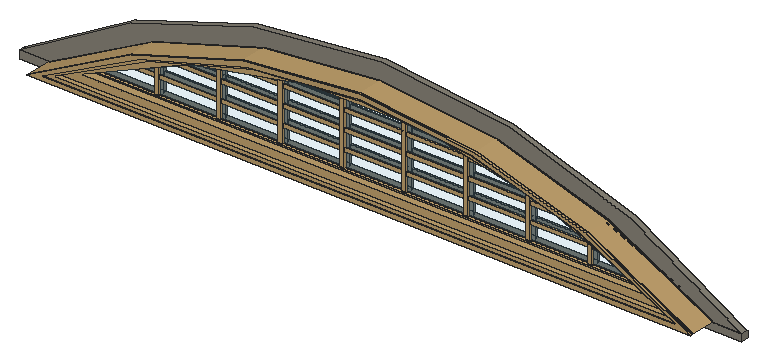
Revit family (continued)
Definition of nested family "Roundtop_Section_Detail"
  Dimensions and locks (in)
    aligned and locked: plane 3 "Center (Left/Right)" to nested 1
    aligned and locked: plane 3 "Center (Left/Right)" to nested 2
    aligned and locked: plane 1 "Center (Front/Back)" to nested 2
    aligned and locked: nested 2 to curve 1
    aligned and locked: curve 1 to nested 2
    aligned and locked: curve 2 to nested 2  (x2)
    aligned and locked: nested 2 to curve 3
    aligned and locked: curve 3 to nested 2
    aligned and locked: curve 4 to nested 2  (x2)
  Automatic sketch dimensions
    curve 3 to plane 4 = 0' - 2.353"
    curve 2 to curve 3 = 0' - 0"
    curve 4 to curve 3 = 0' - 0"
    curve 1 to curve 2 = 0' - 0"
  Nested families (in)
    nested 1: "Head_Detail" at (0, 47.125, 0), type "Head_Detail", in view "Ref. Level"
      with Flange no
    nested 2: "Sill_Detail" at (0, 0, 0), type "Jamb_Detail", in view "Ref. Level"
      with Flange no
  Definition of nested family "Head_Detail"
    Parameters (values of type "Head_Detail")
      Flange = yes
      Assembly Code = ""
    Reference planes (in)
      plane 1 "Center (Front/Back)": y = 0
      plane 2: z = 0
      plane 3 "Center (Left/Right)": x = 0
    Lines and regions (in)
      detail lines, style "Cut Lines", in view "Ref. Level"
        curve 1: line (4.56199, 0, 0) -> (4.56199, -1.188, 0)
        curve 2: line (-1.09401, 0, 0) -> (4.56199, 0, 0)
        curve 3: line (4.56199, -1.188, 0) -> (0.53125, -1.188, 0)
        curve 4: line (-1.09401, -0.52105, 0) -> (-1.09401, 0, 0)
        curve 5: line (0.39248, -0.625, 0) -> (-1.09401, -0.52105, 0)
        curve 6: line (0.39248, -0.625, 0) -> (2, -0.625, 0)
        curve 12: line (3.53074, -1.188, 0) -> (3.53074, -2.1255, 0)
        curve 13: line (3.53074, -2.1255, 0) -> (2.87449, -2.1255, 0)
        curve 14: line (2.87449, -2.313, 0) -> (2.34399, -2.313, 0)
        curve 15: line (2.34399, -2.5005, 0) -> (2, -2.5005, 0)
        curve 16: line (2.87449, -2.1255, 0) -> (2.87449, -2.313, 0)
        curve 17: line (0.53125, -0.8125, 0) -> (0.53125, -1.188, 0)
        curve 18: line (0.125, -0.8125, 0) -> (0.53125, -0.8125, 0)
        curve 19: line (0.125, -2.696, 0) -> (0.125, -0.8125, 0)
        curve 20: line (0.2358, -2.696, 0) -> (0.125, -2.696, 0)
        curve 21: line (0.44605, -2.90625, 0) -> (0.2358, -2.696, 0)
        curve 22: line (0.47297, -2.208, 0) -> (0.47297, -2.90625, 0)
        curve 23: line (1.50299, -2.208, 0) -> (0.47297, -2.208, 0)
        curve 24: line (1.50299, -2.90625, 0) -> (1.50299, -2.208, 0)
        curve 25: line (1.66374, -2.90625, 0) -> (1.50299, -2.90625, 0)
        curve 26: line (2, -2.677, 0) -> (1.89299, -2.677, 0)
        curve 27: line (2, -0.625, 0) -> (2, -2.677, 0)
        curve 28: line (0.47297, -2.90625, 0) -> (0.44605, -2.90625, 0)
        curve 29: line (1.89299, -2.677, 0) -> (1.66374, -2.90625, 0)
        curve 30: line (2.34399, -2.5005, 0) -> (2.34399, -2.313, 0)
        curve 31: line (1.31549, -2.45402, 0) -> (0.69049, -2.45402, 0)
        curve 32: line (1.31549, -2.6605, 0) -> (0.69049, -2.6605, 0)
        curve 33: line (1.50299, -2.353, 0) -> (1.31549, -2.353, 0)
        curve 34: line (0.69049, -2.353, 0) -> (0.50199, -2.353, 0)
      detail lines, style "Cut Lines", in view "Ref. Level", visible <- "Flange"
        curve 7: line (0, 1.5, 0) -> (0, 0.15, 0)
        curve 8: line (-0.04501, 0, 0) -> (-0.04501, 1.5, 0)
        curve 9: line (-0.04501, 1.5, 0) -> (0, 1.5, 0)
        curve 10: line (0.10999, 0.15, 0) -> (0.10999, 0, 0)
        curve 11: line (0, 0.15, 0) -> (0.10999, 0.15, 0)
    Dimensions and locks (in)
      aligned and locked: curve 25 to curve 28
      aligned and locked: curve 24 to curve 33
  Definition of nested family "Sill_Detail"
    Parameters (values of type "Jamb_Detail")
      Flange = yes
      Assembly Code = ""
    Reference planes (in)
      plane 1 "Center (Front/Back)": y = 0
      plane 2: z = 0
      plane 3 "Center (Left/Right)": x = 0
    Lines and regions (in)
      detail lines, style "Cut Lines", in view "Ref. Level"
        curve 1: line (4.56199, 0, 0) -> (4.56199, 1.188, 0)
        curve 2: line (-1.09401, 0, 0) -> (4.56199, 0, 0)
        curve 3: line (4.56199, 1.188, 0) -> (0.53125, 1.188, 0)
        curve 4: line (-1.09401, 0.52105, 0) -> (-1.09401, 0, 0)
        curve 5: line (0.39248, 0.625, 0) -> (-1.09401, 0.52105, 0)
        curve 6: line (0.39248, 0.625, 0) -> (2, 0.625, 0)
        curve 12: line (3.53074, 1.188, 0) -> (3.53074, 2.5005, 0)
        curve 13: line (3.53074, 2.5005, 0) -> (2, 2.5005, 0)
        curve 14: line (0.53125, 0.8125, 0) -> (0.53125, 1.188, 0)
        curve 15: line (0.125, 0.8125, 0) -> (0.53125, 0.8125, 0)
        curve 16: line (0.125, 2.696, 0) -> (0.125, 0.8125, 0)
        curve 17: line (0.2358, 2.696, 0) -> (0.125, 2.696, 0)
        curve 18: line (0.44605, 2.90625, 0) -> (0.2358, 2.696, 0)
        curve 19: line (0.47297, 2.208, 0) -> (0.47297, 2.90625, 0)
        curve 20: line (1.50299, 2.208, 0) -> (0.47297, 2.208, 0)
        curve 21: line (1.50299, 2.90625, 0) -> (1.50299, 2.208, 0)
        curve 22: line (1.66374, 2.90625, 0) -> (1.50299, 2.90625, 0)
        curve 23: line (2, 2.677, 0) -> (1.89299, 2.677, 0)
        curve 24: line (2, 0.625, 0) -> (2, 2.677, 0)
        curve 25: line (0.47297, 2.90625, 0) -> (0.44605, 2.90625, 0)
        curve 26: line (1.89299, 2.677, 0) -> (1.66374, 2.90625, 0)
        curve 27: line (1.31549, 2.45402, 0) -> (0.69049, 2.45402, 0)
        curve 28: line (1.31549, 2.6605, 0) -> (0.69049, 2.6605, 0)
        curve 29: line (1.50299, 2.353, 0) -> (1.31549, 2.353, 0)
        curve 30: line (0.69049, 2.353, 0) -> (0.50199, 2.353, 0)
      detail lines, style "Cut Lines", in view "Ref. Level", visible <- "Flange"
        curve 7: line (0, -1.5, 0) -> (0, -0.15, 0)
        curve 8: line (-0.04501, 0, 0) -> (-0.04501, -1.5, 0)
        curve 9: line (-0.04501, -1.5, 0) -> (0, -1.5, 0)
        curve 10: line (0.10999, -0.15, 0) -> (0.10999, 0, 0)
        curve 11: line (0, -0.15, 0) -> (0.10999, -0.15, 0)
